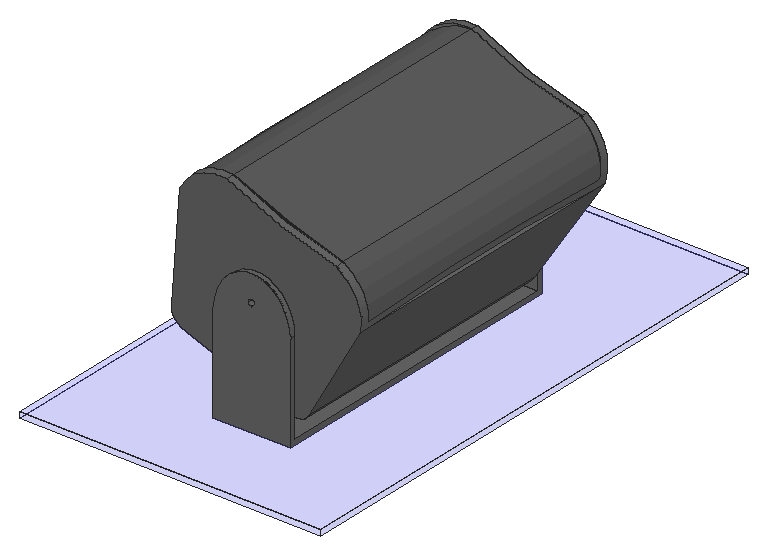
Revit family "AD-S10T - Yoke Mount", category Generic Models, host Face, Revit 2012
Parameters
  Yoke Finish [instance] = Black Finish
  Width = 1' - 0.51969"
  Weight Product (lb) = 31
  Weight Product (kg) = 15
  Weight Dimensional (lb) = 40.6
  Weight Dimensional (kg) = 18.45
  URL = "TBA"
  Translated Angle [instance] = Rotation Angle + 90.00°  # 110.00°
  Sensitivity = 92
  SPL Max = 122
  Rotation Angle [instance] = 20.00°
  Regulatory Compliance = "RoHS"
  Product Page URL = "TBA"
  Product Documentation Link = "TBA"
  Power Handling = 250
  Mount Width = 0' - 5"
  Mount Inner Height [instance] = 1' - 7.71433"
  Mount Height = 1' - 8.35433"
  Mount Depth = 0' - 9 65/256"
  Model = "AD-S10T"
  Manufacturer URL = "www.qscaudio.com"
  Manufacturer = "QSC Audio Products, LLC"
  Impedance = 8
  Height = 1' - 8.31417"
  Grille Finish [instance] = Black Grille
  Enclosure Finish [instance] = Black Finish
  Description = "10\" 2-Way Surface Mount Loudspeaker"
  Depth = 0' - 11.72664"
  Default Elevation = 4' - 0"
  Coverage Vertical = 90.00°
  Coverage Horizontal = 90.00°
  70V Taps = "100, 50, 25, 12.5"
  100V Taps = "100, 50, 25"
Reference planes (in)
  plane 1 "Center (Front/Back)": y = 0
  plane 2: z = 0
  plane 3 "Center (Left/Right)": x = 0
  plane 4 "Top": y = 10.17717
  plane 5 "Bottom": y = -10.17717
  plane 6: x = -2.5
  plane 7: x = 2.5
  plane 8: z = 9.25391
  plane 9: z = 7.55906
  plane 10: z = 6.29
  plane 11: y = 9.85717
  plane 12: y = -9.85717
  plane 13: z = 7.55906
Forms (in)
  Extrusion 1, solid, material "Glass"
    sketch origin (0, 0, 0) x (1, 0, 0) y (0, 1, 0)
      loop
        line (-10.5, 18.82283) -> (-10.5, -15.82489) -> (9.00883, -15.82489) -> (9.00883, 18.82283) -> (-10.5, 18.82283)
    from 0 to -0.39453
  Extrusion 2, solid, material "Black Finish" <- "Yoke Finish"
    sketch origin (0, -10.17717, 0) x (1, 0, 0) y (0, 0, -1)
      loop
        circle (0, -7.55906) r 0.21654
      loop
        line (2.5, -6.29) -> (2.5, 0) -> (-2.5, 0) -> (-2.5, -6.29)
        spline (-2.5, -6.29) -> (-2.41481, -7.05712) -> (-2.16506, -7.77195) -> (-1.76777, -8.3858) -> (-1.25, -8.85682) -> (-0.64705, -9.15291) -> (0, -9.25391) -> (0.64705, -9.15291) -> (1.25, -8.85682) -> (1.76777, -8.3858) -> (2.16506, -7.77195) -> (2.41481, -7.05712) -> (2.5, -6.29)
    from 0 to 20.35433 <- "Mount Height"
  Extrusion 3, void
    sketch origin (-12.5665, -9.85717, 48) x (1, 0, 0) y (0, 0, -1)
      loop
        line (10.0665, 38.74609) -> (15.0665, 38.74609) -> (15.0665, 47.68) -> (10.0665, 47.68) -> (10.0665, 38.74609)
    from 0 to 19.71433 <- "Mount Inner Height"
Cuts and joins
  Extrusion 3 cuts Extrusion 2
Lines and regions (in)
  reference lines
    curve 1: line (0, 0, 0) -> (0, 0, 7.55906)
Dimensions and locks (in)
  equal spacing: plane 4 "Top", plane 1 "Center (Front/Back)", plane 5 "Bottom"
  "Mount Height": plane 4 "Top" to plane 5 "Bottom"
  equal spacing: plane 6, plane 3 "Center (Left/Right)", plane 7
  "Mount Width": plane 6 to plane 7
  "Mount Depth": plane 8 to plane 2
  equal spacing: plane 12, plane 1 "Center (Front/Back)", plane 11
  plane 4 "Top" to plane 11 = 0' - 0.32"
  level to Extrusion 3 sketch curve = 0' - 0.32"
  "Mount Inner Height": plane 11 to plane 12
  "Translated Angle": angle nested 1 to plane 13
  aligned and locked: plane 2 to Extrusion 1
  aligned and locked: level to Extrusion 1
  aligned and locked: plane 13 to curve 1
Automatic sketch dimensions
  Extrusion 1 sketch curve to Extrusion 1 sketch curve = 1' - 7.50883"
  Extrusion 1 sketch curve to Extrusion 1 sketch curve = 2' - 10.64772"
  Extrusion 2 sketch curve to level = 0' - 0"
  Extrusion 2 sketch curve to plane 6 = 0' - 0"
  Extrusion 2 sketch curve to plane 3 "Center (Left/Right)" = 0' - 0"  (x2)
  Extrusion 2 sketch curve to plane 10 = 0' - 0"
  Extrusion 2 sketch curve to plane 9 = 0' - 0"
  Extrusion 3 sketch curve to plane 6 = 0' - 0"
  Extrusion 3 sketch curve to plane 7 = 0' - 0"
  Extrusion 3 sketch curve to plane 8 = 0' - 0"
  curve 1 to plane 3 "Center (Left/Right)" = 0' - 0"
  curve 1 to level = 0' - 0"
  radius of Extrusion 2 sketch curve = 0' - 0.21654"
Nested families (in)
  nested 1: "AD-S10T" at (2.11192, 0, 13.35948) x (-0.9397, 0, 0.342) z (0, -1, 0), type "AD-S10T"
  nested 2: "AD-S10T" at (-5.77903, 0, 11.82253) x (-1, 0, 0) z (0, -1, 0), type "AD-S10T", not visible
Connectors (in)
  electrical at (-1.69685, -4.97047, 2.89498)
    settings: on nested 1, index 1, voltage 0 V, apparent load 0 VA, apparent load phase1 0 VA, apparent load phase2 0 VA, apparent load phase3 0 VA, power factor 1, load classification "Other", number of poles 1, system type 14, power factor state 1, is connector primary yes, connector utility no, sub classification motor no, connector description "Speaker Input"
  electrical at (-1.69685, -4.97047, 2.89498)
    settings: on nested 1, index 2, voltage 0 V, apparent load 0 VA, apparent load phase1 0 VA, apparent load phase2 0 VA, apparent load phase3 0 VA, power factor 1, load classification "Other", number of poles 1, system type 14, power factor state 1, is connector primary no, connector utility no, sub classification motor no, connector description "Parallel Output"
Definition of nested family "AD-S10T"
  Parameters (values of type "AD-S10T")
    Width = 1' - 0.51969"
    Weight Dimensional (lb) = 40.6
    Weight Dimensional (kg) = 18.45
    URL = "TBA"
    Sensitivity = 92
    SPL Max = 122
    Rotation Axis Distance = 8' - 2.08268"
    Regulatory Compliance = "RoHS"
    Product Page URL = "TBA"
    Product Documentation Link = "TBA"
    Weight Product (kg) = 15
    Weight Product (lb) = 31
    Power Handling = 250
    Model = "AD-S10T"
    Mid Depth = 0' - 11.25984"
    Manufacturer URL = "www.qscaudio.com"
    Manufacturer = "QSC Audio Products, LLC"
    Impedance = 8
    Height = 1' - 8.31417"
    Grille Finish = Black Grille
    Enclosure Finish = Black Finish
    Description = "10\" 2-Way Surface Mount Loudspeaker"
    Depth = 0' - 11.72664"
    Coverage Vertical = 90.00°
    Coverage Horizontal = 90.00°
    70V Taps = "100, 50, 25, 12.5"
    100V Taps = "100, 50, 25"
  Reference planes (in)
    plane 1 "Center (Front/Back) (Grille Extent)": y = 0
    plane 2: z = 0
    plane 3 "Center (Left/Right)": x = 0
    plane 4 "Rotation Axis Plane": y = 98.08268
    plane 5: x = -6.25984
    plane 6: x = 6.25984
    plane 7: x = 3.50591
    plane 8: x = -3.50591
    plane 9: y = 2.84252
    plane 10: x = -4.74606
    plane 11: x = 4.74606
    plane 12: y = 10.35433
    plane 13: x = -3.78346
    plane 14: x = 3.78346
    plane 15: y = 0.2126
    plane 16 "Back Plane": y = 11.72664
    plane 17: y = 11.25984
    plane 18: y = 3.07038
    plane 19: x = -6.1811
    plane 20: x = 6.1811
    plane 21: z = 5.75787
    plane 22: z = 4.18307
    plane 23: x = -1.5748
    plane 24: x = 1.5748
    plane 25 "Top Plane": z = 10.15709
    plane 26: z = -10.15709
    plane 27: x = 3.50591
    plane 28: x = -3.50591
    plane 29: y = 2.84252
    plane 30: x = -4.74606
    plane 31: x = 4.74606
    plane 32: y = 10.35433
    plane 33: x = -3.78346
    plane 34: x = 3.78346
    plane 35: y = 0.2126
    plane 36: y = 11.25984
    plane 37: y = 3.07038
    plane 38: x = -6.1811
    plane 39: x = 6.1811
  Forms (in)
    Revolve 1, solid, material "Black Finish"
      sketch origin (0, 0, 0) x (1, 0, 0) y (0, 1, 0)
        loop
          spline (-3.50591, 11.25984) -> (-3.67439, 11.25355) -> (-3.83102, 11.23469) -> (-3.97582, 11.20325) -> (-4.10877, 11.15923) -> (-4.22988, 11.10264) -> (-4.33915, 11.03346) -> (-4.43657, 10.95172) -> (-4.52216, 10.85739) -> (-4.5959, 10.75049) -> (-4.65779, 10.63101) -> (-4.70785, 10.49896) -> (-4.74606, 10.35433)
          line (-4.74606, 10.35433) -> (-6.25984, 2.84252)
          spline (-6.25984, 2.84252) -> (-6.18714, 2.47501) -> (-6.09013, 2.13125) -> (-5.96882, 1.81124) -> (-5.82321, 1.51498) -> (-5.6533, 1.24248) -> (-5.45909, 0.99373) -> (-5.24057, 0.76873) -> (-4.99776, 0.56748) -> (-4.73064, 0.38998) -> (-4.43921, 0.23623) -> (-4.12349, 0.10624) -> (-3.78346, 0)
          spline (-3.78346, 0) -> (-3.15346, 0.06494) -> (-2.52335, 0.11808) -> (-1.89313, 0.15941) -> (-1.26282, 0.18893) -> (-0.63239, 0.20664) -> (-0.00187, 0.21254) -> (0.62876, 0.20664) -> (1.25949, 0.18893) -> (1.89033, 0.15941) -> (2.52127, 0.11808) -> (3.15232, 0.06494) -> (3.78346, 0)
          spline (3.78346, 0) -> (4.12349, 0.10624) -> (4.43921, 0.23623) -> (4.73064, 0.38998) -> (4.99776, 0.56748) -> (5.24057, 0.76873) -> (5.45909, 0.99373) -> (5.6533, 1.24248) -> (5.82321, 1.51498) -> (5.96882, 1.81124) -> (6.09013, 2.13125) -> (6.18714, 2.47501) -> (6.25984, 2.84252)
          line (6.25984, 2.84252) -> (4.74606, 10.35433)
          spline (4.74606, 10.35433) -> (4.70785, 10.49896) -> (4.65779, 10.63101) -> (4.5959, 10.75049) -> (4.52216, 10.85739) -> (4.43657, 10.95172) -> (4.33915, 11.03346) -> (4.22988, 11.10264) -> (4.10877, 11.15923) -> (3.97582, 11.20325) -> (3.83102, 11.23469) -> (3.67439, 11.25355) -> (3.50591, 11.25984)
          line (3.50591, 11.25984) -> (-3.50591, 11.25984)
        axis (-6.25984, 98.08268) -> (6.25984, 98.08268)
      angle from -5.944 to 5.944
    Revolve 2, void
      sketch origin (0, 0, 0) x (1, 0, 0) y (0, 1, 0)
        loop
          line (-6.1811, 3.07038) -> (-6.1811, 0) -> (6.1811, 0) -> (6.1811, 3.07038) -> (-6.1811, 3.07038)
        axis (-6.1811, 98.08268) -> (6.1811, 98.08268)
      angle from -5.65 to 5.65
    Extrusion 3, void
      sketch origin (0, 11.72664, 0) x (-1, 0, 0) y (0, 0, -1)
        loop
          line (-1.5748, -5.75787) -> (1.5748, -5.75787) -> (1.5748, -4.18307) -> (-1.5748, -4.18307) -> (-1.5748, -5.75787)
      from 0 to 0.59055
    Revolve 4, solid, material "Black Grille"
      sketch origin (0, 0, 0) x (1, 0, 0) y (0, 1, 0)
        loop
          spline (-3.78346, 0) -> (-3.15346, 0.06494) -> (-2.52335, 0.11808) -> (-1.89313, 0.15941) -> (-1.26282, 0.18893) -> (-0.63239, 0.20664) -> (-0.00187, 0.21254) -> (0.62876, 0.20664) -> (1.25949, 0.18893) -> (1.89033, 0.15941) -> (2.52127, 0.11808) -> (3.15232, 0.06494) -> (3.78346, 0)
          spline (3.78346, 0) -> (4.06843, 0.11467) -> (4.33791, 0.24562) -> (4.59191, 0.39283) -> (4.83042, 0.55632) -> (5.05345, 0.73608) -> (5.26099, 0.93211) -> (5.45305, 1.14442) -> (5.62963, 1.373) -> (5.79073, 1.61784) -> (5.93633, 1.87896) -> (6.06646, 2.15636) -> (6.1811, 2.45002)
          line (6.1811, 2.45002) -> (-6.1811, 2.45002)
          spline (-6.1811, 2.45002) -> (-6.06646, 2.15636) -> (-5.93633, 1.87896) -> (-5.79073, 1.61784) -> (-5.62963, 1.373) -> (-5.45305, 1.14442) -> (-5.26099, 0.93211) -> (-5.05345, 0.73608) -> (-4.83042, 0.55632) -> (-4.59191, 0.39283) -> (-4.33791, 0.24562) -> (-4.06843, 0.11467) -> (-3.78346, 0)
        axis (-6.1811, 98.08268) -> (6.1811, 98.08268)
      angle from -5.657 to 5.657
  Cuts and joins
    Revolve 2, Extrusion 3 cuts Revolve 1
  Lines and regions (in)
    model lines, detail levels fine
      curve 1: line (0.10385, 2.14606, 9.98855) -> (-0.08037, 2.38746, 9.96342)
      curve 2: line (-0.08037, 2.38746, 9.96342) -> (0.10385, 2.14606, 9.98855)
      curve 3: line (-0.74826, 2.1762, 9.98541) -> (-0.67866, 2.42522, 9.95949)
      curve 4: line (-0.67866, 2.42522, 9.95949) -> (-0.74826, 2.1762, 9.98541)
      curve 5: line (-0.632, 2.01132, 10.00258) -> (-0.68395, 2.47215, 9.9546)
      curve 6: line (-0.68395, 2.47215, 9.9546) -> (-0.632, 2.01132, 10.00258)
      curve 7: line (0.35052, 2.33373, 9.96901) -> (0.51479, 2.21369, 9.98151)
      curve 8: line (0.51479, 2.21369, 9.98151) -> (0.35052, 2.33373, 9.96901)
      curve 17: line (-6.25283, 3.3892, 0.13795) -> (-6.20608, 3.61994, -0.04075)
      curve 18: line (-6.20608, 3.61994, -0.04075) -> (-6.25283, 3.3892, 0.13795)
      curve 19: line (-6.24699, 3.41801, -0.68862) -> (-6.19876, 3.65604, -0.62111)
      curve 20: line (-6.19876, 3.65604, -0.62111) -> (-6.24699, 3.41801, -0.68862)
      curve 21: line (-6.27892, 3.26041, -0.57585) -> (-6.18967, 3.70089, -0.62624)
      curve 22: line (-6.18967, 3.70089, -0.62624) -> (-6.27892, 3.26041, -0.57585)
      curve 23: line (-6.21648, 3.56859, 0.37723) -> (-6.23973, 3.45385, 0.53657)
      curve 24: line (-6.23973, 3.45385, 0.53657) -> (-6.21648, 3.56859, 0.37723)
      curve 33: line (6.25283, 3.3892, -0.13795) -> (6.20608, 3.61994, 0.04075)
      curve 34: line (6.20608, 3.61994, 0.04075) -> (6.25283, 3.3892, -0.13795)
      curve 35: line (6.24699, 3.41801, 0.68862) -> (6.19876, 3.65604, 0.62111)
      curve 36: line (6.19876, 3.65604, 0.62111) -> (6.24699, 3.41801, 0.68862)
      curve 37: line (6.27892, 3.26041, 0.57585) -> (6.18967, 3.70089, 0.62624)
      curve 38: line (6.18967, 3.70089, 0.62624) -> (6.27892, 3.26041, 0.57585)
      curve 39: line (6.21648, 3.56859, -0.37723) -> (6.23973, 3.45385, -0.53657)
      curve 40: line (6.23973, 3.45385, -0.53657) -> (6.21648, 3.56859, -0.37723)
      curve 41: line (-0.10385, 2.14606, -9.98855) -> (0.08037, 2.38746, -9.96342)
      curve 42: line (0.08037, 2.38746, -9.96342) -> (-0.10385, 2.14606, -9.98855)
      curve 43: line (0.74826, 2.1762, -9.98541) -> (0.67866, 2.42522, -9.95949)
      curve 44: line (0.67866, 2.42522, -9.95949) -> (0.74826, 2.1762, -9.98541)
      curve 45: line (0.632, 2.01132, -10.00258) -> (0.68395, 2.47215, -9.9546)
      curve 46: line (0.68395, 2.47215, -9.9546) -> (0.632, 2.01132, -10.00258)
      curve 47: line (-0.35052, 2.33373, -9.96901) -> (-0.51479, 2.21369, -9.98151)
      curve 48: line (-0.51479, 2.21369, -9.98151) -> (-0.35052, 2.33373, -9.96901)
    model lines, not visible, detail levels fine
      curve 9: line (-0.4581, 1.14417, 0.03125) -> (-0.64232, 1.38687, 0.03125)
      curve 10: line (-0.64232, 1.38687, 0.03125) -> (-0.4581, 1.14417, 0.03125)
      curve 11: line (-1.31021, 1.17448, 0.03125) -> (-1.24061, 1.42484, 0.03125)
      curve 12: line (-1.24061, 1.42484, 0.03125) -> (-1.31021, 1.17448, 0.03125)
      curve 13: line (-1.19395, 1.00871, 0.03125) -> (-1.2459, 1.47202, 0.03125)
      curve 14: line (-1.2459, 1.47202, 0.03125) -> (-1.19395, 1.00871, 0.03125)
      curve 15: line (-0.21143, 1.33286, 0.03125) -> (-0.04716, 1.21217, 0.03125)
      curve 16: line (-0.04716, 1.21217, 0.03125) -> (-0.21143, 1.33286, 0.03125)
      curve 25: line (0.79264, -2.38098, 1.02704) -> (0.61394, -2.14555, 1.02704)
      curve 26: line (0.61394, -2.14555, 1.02704) -> (0.79264, -2.38098, 1.02704)
      curve 27: line (-0.03393, -2.35158, 1.02704) -> (0.03358, -2.10872, 1.02704)
      curve 28: line (0.03358, -2.10872, 1.02704) -> (-0.03393, -2.35158, 1.02704)
      curve 29: line (0.07883, -2.51238, 1.02704) -> (0.02845, -2.06295, 1.02704)
      curve 30: line (0.02845, -2.06295, 1.02704) -> (0.07883, -2.51238, 1.02704)
      curve 31: line (1.03191, -2.19795, 1.02704) -> (1.19126, -2.31502, 1.02704)
      curve 32: line (1.19126, -2.31502, 1.02704) -> (1.03191, -2.19795, 1.02704)
    model lines, detail levels medium+fine
      curve 49: circle (0, 6.17769, 9.57264) r 0.59055 normal (0, 0.1036, 0.9946)
      curve 51: circle (0, 6.17769, -9.57264) r 0.59055 normal (0, -0.1036, 0.9946)
    model lines, not visible, detail levels medium+fine
      curve 50: circle (0, 5.92506, 10.15709) r 0.59055 normal (0, 0, 1)
  Dimensions and locks (in)
    "Rotation Axis Distance": plane 4 "Rotation Axis Plane" to plane 1 "Center (Front/Back) (Grille Extent)"
    equal spacing: plane 5, plane 3 "Center (Left/Right)", plane 6
    "Width": plane 5 to plane 6
    equal spacing: plane 8, plane 3 "Center (Left/Right)", plane 7
    plane 8 to plane 7 = 0' - 7.01181"
    plane 10 to plane 11 = 0' - 9.49213"
    equal spacing: plane 10, plane 3 "Center (Left/Right)", plane 11
    equal spacing: plane 13, plane 3 "Center (Left/Right)", plane 14
    plane 13 to plane 14 = 0' - 7.56693"
    plane 15 to plane 1 "Center (Front/Back) (Grille Extent)" = 0' - 0.2126"
    "Depth": plane 16 "Back Plane" to plane 1 "Center (Front/Back) (Grille Extent)"
    "Mid Depth": plane 17 to plane 1 "Center (Front/Back) (Grille Extent)"
    equal spacing: plane 19, plane 3 "Center (Left/Right)", plane 20
    plane 19 to plane 20 = 1' - 0.3622"
    plane 21 to plane 22 = 0' - 1.5748"
    equal spacing: plane 23, plane 3 "Center (Left/Right)", plane 24
    plane 23 to plane 24 = 0' - 3.14961"
    "Height": plane 25 "Top Plane" to plane 26
    plane 9 to plane 1 "Center (Front/Back) (Grille Extent)" = 0' - 2.84252"
    plane 10 to plane 3 "Center (Left/Right)" = 0' - 4.74606"
    plane 17 to plane 12 = 0' - 0.90551"
    plane 13 to plane 3 "Center (Left/Right)" = 0' - 3.78346"
    plane 8 to plane 3 "Center (Left/Right)" = 0' - 3.50591"
    plane 28 to plane 27 = 0' - 7.01181"  (x2)
    plane 30 to plane 31 = 0' - 9.49213"  (x2)
    plane 33 to plane 34 = 0' - 7.56693"  (x2)
    plane 36 to plane 32 = 0' - 0.90551"
    plane 38 to plane 39 = 1' - 0.3622"
    curve 49 to plane 16 "Back Plane" = 0' - 4.96157"
    plane 26 to Extrusion 3 sketch curve = 1' - 2.34016"
    aligned and locked: plane 2 to level
    aligned and locked: Revolve 1 sketch curve to plane 17
    aligned and locked: Revolve 2 sketch curve to plane 4 "Rotation Axis Plane"
    aligned and locked: Revolve 2 sketch curve to plane 18
    aligned and locked: Revolve 2 sketch curve to plane 19
    aligned and locked: Revolve 2 sketch curve to plane 1 "Center (Front/Back) (Grille Extent)"
    aligned and locked: Revolve 2 sketch curve to plane 20
    aligned and locked: plane 21 to Extrusion 3 sketch curve
    aligned and locked: plane 24 to Extrusion 3 sketch curve
    aligned and locked: Extrusion 3 sketch curve to plane 23
    aligned and locked: plane 12 to Revolve 1 sketch curve
    aligned and locked: plane 10 to Revolve 1 sketch curve
    aligned and locked: plane 25 "Top Plane" to cut or joined group of Revolve 1, Revolve 2, Extrusion 3
    aligned and locked: plane 26 to cut or joined group of Revolve 1, Revolve 2, Extrusion 3
    aligned and locked: plane 16 "Back Plane" to cut or joined group of Revolve 1, Revolve 2, Extrusion 3
    aligned and locked: cut or joined group of Revolve 1, Revolve 2, Extrusion 3 to curve 24
  Automatic sketch dimensions
    Revolve 1 sketch curve to plane 5 = 0' - 0"  (x2)
    Revolve 1 sketch curve to plane 4 "Rotation Axis Plane" = 0' - 0"
    plane 1 "Center (Front/Back) (Grille Extent)" to Revolve 1 sketch curve = 0' - 0"
    Revolve 1 sketch curve to plane 13 = 0' - 0"
    Revolve 1 sketch curve to plane 8 = 0' - 0"
    Revolve 1 sketch curve to plane 7 = 0' - 0"
    Revolve 1 sketch curve to plane 14 = 0' - 0"
    Revolve 1 sketch curve to plane 11 = 0' - 0"
    Revolve 1 sketch curve to plane 6 = 0' - 0"  (x2)
    Revolve 1 sketch curve to plane 9 = 0' - 0"  (x2)
    Revolve 1 sketch curve to plane 12 = 0' - 0"
    Revolve 2 sketch curve to plane 3 "Center (Left/Right)" = 0' - 0"
    Revolve 2 sketch curve to plane 6 = 0' - 0"
    Revolve 4 sketch curve to plane 4 "Rotation Axis Plane" = 0' - 0"
    Revolve 4 sketch curve to plane 5 = 0' - 0"
    Revolve 4 sketch curve to plane 38 = 0' - 0"
    plane 1 "Center (Front/Back) (Grille Extent)" to Revolve 4 sketch curve = 0' - 0"
    Revolve 4 sketch curve to plane 33 = 0' - 0"
    Revolve 4 sketch curve to plane 34 = 0' - 0"
    Revolve 4 sketch curve to plane 39 = 0' - 0"
    Revolve 4 sketch curve to plane 6 = 0' - 0"
    Revolve 4 sketch curve to plane 29 = 0' - 0.3925"
    curve 3 to curve 4 = 0' - 0"  (x2)
    curve 4 to curve 5 = 0' - 0.06431"
    curve 6 to curve 5 = 0' - 0"  (x3)
    curve 6 to curve 3 = 0' - 0.00529"
    curve 4 to curve 3 = 0' - 0"
    curve 3 to curve 5 = 0' - 0.11625"
    curve 3 to curve 2 = 0' - 0.59829"
    curve 1 to curve 2 = 0' - 0"
    curve 2 to curve 1 = 0' - 0.18422"
    curve 2 to curve 1 = 0' - 0"  (x3)
    curve 1 to curve 8 = 0' - 0.24667"
    curve 7 to curve 8 = 0' - 0"  (x2)
    curve 7 to curve 8 = 0' - 0.16427"
    curve 5 to curve 6 = 0' - 0"
    curve 6 to curve 1 = 0' - 0.13546"
    curve 5 to curve 4 = 0' - 0.16577"
    curve 1 to curve 7 = 0' - 0.068"
    curve 8 to curve 7 = 0' - 0"  (x2)
    curve 8 to curve 7 = 0' - 0.12069"
    curve 1 to curve 1 = 0' - 0.2427"
    curve 4 to curve 4 = 0' - 0.25036"
    curve 11 to curve 12 = 0' - 0"  (x2)
    curve 12 to curve 13 = 0' - 0.06431"
    curve 14 to curve 13 = 0' - 0"  (x3)
    curve 14 to curve 11 = 0' - 0.00529"
    curve 12 to curve 11 = 0' - 0"
    curve 11 to curve 13 = 0' - 0.11625"
    curve 11 to curve 10 = 0' - 0.59829"
    curve 9 to curve 10 = 0' - 0"
    curve 10 to curve 9 = 0' - 0.18422"
    curve 10 to curve 9 = 0' - 0"  (x3)
    curve 9 to curve 16 = 0' - 0.24667"
    curve 15 to curve 16 = 0' - 0"  (x2)
    curve 15 to curve 16 = 0' - 0.16427"
    curve 13 to curve 14 = 0' - 0"
    curve 14 to curve 9 = 0' - 0.13546"
    curve 13 to curve 12 = 0' - 0.16577"
    curve 9 to curve 15 = 0' - 0.068"
    curve 16 to curve 15 = 0' - 0"  (x2)
    curve 16 to curve 15 = 0' - 0.12069"
    curve 9 to curve 9 = 0' - 0.2427"
    curve 12 to curve 12 = 0' - 0.25036"
    curve 19 to curve 20 = 0' - 0"  (x2)
    curve 19 to curve 21 = 0' - 0.06238"
    curve 22 to curve 21 = 0' - 0"  (x3)
    curve 22 to curve 19 = 0' - 0.00513"
    curve 20 to curve 19 = 0' - 0"
    curve 20 to curve 21 = 0' - 0.11277"
    curve 19 to curve 18 = 0' - 0.58036"
    curve 17 to curve 18 = 0' - 0"
    curve 18 to curve 17 = 0' - 0.1787"
    curve 18 to curve 17 = 0' - 0"  (x3)
    curve 17 to curve 24 = 0' - 0.23928"
    curve 23 to curve 24 = 0' - 0"  (x2)
    curve 24 to curve 24 = 0' - 0.15935"
    curve 21 to curve 22 = 0' - 0"
    curve 22 to curve 17 = 0' - 0.1314"
    curve 21 to curve 20 = 0' - 0.1608"
    curve 17 to curve 23 = 0' - 0.06596"
    curve 24 to curve 23 = 0' - 0"  (x2)
    curve 23 to curve 23 = 0' - 0.11707"
    curve 17 to curve 17 = 0' - 0.23543"
    curve 19 to curve 20 = 0' - 0.24286"
    curve 27 to curve 28 = 0' - 0"  (x2)
    curve 27 to curve 29 = 0' - 0.06238"
    curve 30 to curve 29 = 0' - 0"  (x3)
    curve 30 to curve 27 = 0' - 0.00513"
    curve 28 to curve 27 = 0' - 0"
    curve 28 to curve 29 = 0' - 0.11277"
    curve 27 to curve 26 = 0' - 0.58036"
    curve 25 to curve 26 = 0' - 0"
    curve 26 to curve 25 = 0' - 0.1787"
    curve 26 to curve 25 = 0' - 0"  (x3)
    curve 25 to curve 32 = 0' - 0.23928"
    curve 31 to curve 32 = 0' - 0"  (x2)
    curve 32 to curve 32 = 0' - 0.15935"
    curve 29 to curve 30 = 0' - 0"
    curve 30 to curve 25 = 0' - 0.1314"
    curve 29 to curve 28 = 0' - 0.1608"
    curve 25 to curve 31 = 0' - 0.06596"
    curve 32 to curve 31 = 0' - 0"  (x2)
    curve 31 to curve 31 = 0' - 0.11707"
    curve 25 to curve 25 = 0' - 0.23543"
    curve 27 to curve 28 = 0' - 0.24286"
    curve 35 to curve 36 = 0' - 0"  (x2)
    curve 35 to curve 37 = 0' - 0.06238"
    curve 38 to curve 37 = 0' - 0"  (x3)
    curve 38 to curve 35 = 0' - 0.00513"
    curve 36 to curve 35 = 0' - 0"
    curve 36 to curve 37 = 0' - 0.11277"
    curve 35 to curve 34 = 0' - 0.58036"
    curve 33 to curve 34 = 0' - 0"
    curve 34 to curve 33 = 0' - 0.1787"
    curve 34 to curve 33 = 0' - 0"  (x3)
    curve 33 to curve 40 = 0' - 0.23928"
    curve 39 to curve 40 = 0' - 0"  (x2)
    curve 40 to curve 40 = 0' - 0.15935"
    curve 37 to curve 38 = 0' - 0"
    curve 38 to curve 33 = 0' - 0.1314"
    curve 37 to curve 36 = 0' - 0.1608"
    curve 33 to curve 39 = 0' - 0.06596"
    curve 40 to curve 39 = 0' - 0"  (x2)
    curve 39 to curve 39 = 0' - 0.11707"
    curve 33 to curve 33 = 0' - 0.23543"
    curve 35 to curve 36 = 0' - 0.24286"
    curve 43 to curve 44 = 0' - 0"  (x2)
    curve 44 to curve 45 = 0' - 0.06431"
    curve 46 to curve 45 = 0' - 0"  (x3)
    curve 46 to curve 43 = 0' - 0.00529"
    curve 44 to curve 43 = 0' - 0"
    curve 43 to curve 45 = 0' - 0.11625"
    curve 43 to curve 42 = 0' - 0.59829"
    curve 41 to curve 42 = 0' - 0"
    curve 42 to curve 41 = 0' - 0.18422"
    curve 42 to curve 41 = 0' - 0"  (x3)
    curve 41 to curve 48 = 0' - 0.24667"
    curve 47 to curve 48 = 0' - 0"  (x2)
    curve 47 to curve 48 = 0' - 0.16427"
    curve 45 to curve 46 = 0' - 0"
    curve 46 to curve 41 = 0' - 0.13546"
    curve 45 to curve 44 = 0' - 0.16577"
    curve 41 to curve 47 = 0' - 0.068"
    curve 48 to curve 47 = 0' - 0"  (x2)
    curve 48 to curve 47 = 0' - 0.12069"
    curve 41 to curve 41 = 0' - 0.2427"
    curve 44 to curve 44 = 0' - 0.25036"
  Connectors (in)
    electrical at (0, 11.13609, 4.97047)
      settings: on cut or joined group of Revolve 1, Revolve 2, Extrusion 3, index 1, voltage 0 V, apparent load 0 VA, apparent load phase1 0 VA, apparent load phase2 0 VA, apparent load phase3 0 VA, power factor 1, load classification "Other", number of poles 1, system type 14, power factor state 1, is connector primary yes, connector utility no, sub classification motor no, connector description "Speaker Input"
    electrical at (0, 11.13609, 4.97047)
      settings: on cut or joined group of Revolve 1, Revolve 2, Extrusion 3, index 2, voltage 0 V, apparent load 0 VA, apparent load phase1 0 VA, apparent load phase2 0 VA, apparent load phase3 0 VA, power factor 1, load classification "Other", number of poles 1, system type 14, power factor state 1, is connector primary no, connector utility no, sub classification motor no, connector description "Parallel Output"
